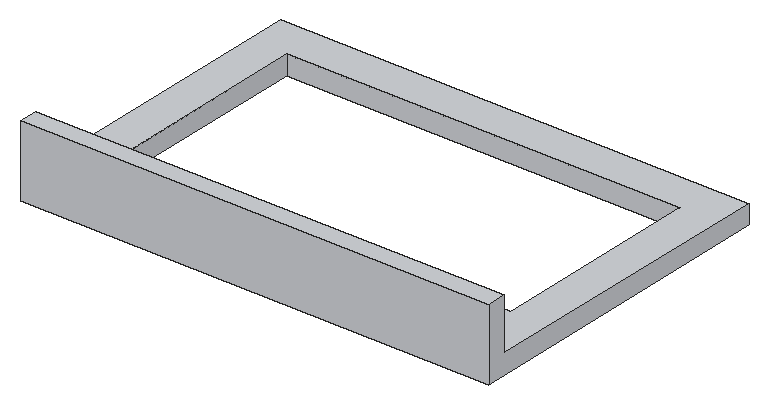
Revit family "Kitchen Countertop Sink - Rec", category Generic Models, Revit 2019
Family settings
  Can host rebar = No
  Round Connector Dimension = Use Diameter
  Part Type = Normal
  Work Plane-Based = No
  Always vertical = Yes
  Cut with Voids When Loaded = No
  Shared = No
  Room Calculation Point = No
Parameters (values of type "Generic")
  Width [instance] = 3' - 0"
  V_width = 2' - 6 1/4"
  V_Depth = 1' - 4 1/4"
  Height = 0' - 1 1/2"
  Depth [instance] = 2' - 1"
Types (2): name | V_width | V_Depth
  Generic | 2' - 6 1/4" | 1' - 4 1/4"
  Generic ADA | 1' - 11" | 1' - 8"
Reference planes (in)
  plane 1 "Center (Front/Back)": y = 0
  plane 2: z = 0
  plane 3 "Center (Left/Right)": x = 0
Forms (in)
  Extrusion 1, solid
    sketch origin (0, 0, 0) x (1, 0, 0) y (0, 1, 0)
      loop
        line (-18, 12.5) -> (-18, -12.5) -> (18, -12.5) -> (18, 12.5) -> (-18, 12.5)
    from 0 to 1.5
  Extrusion 2, solid
    sketch origin (0, 0, 0) x (0, 1, 0) y (0, 0, 1)
      loop
        line (-12.5, 1.5) -> (-11, 1.5) -> (-11, 5.5) -> (-12.5, 5.5) -> (-12.5, 1.5)
    from -18 to 18
  Extrusion 3, void
    sketch origin (0, 0, 0) x (1, 0, 0) y (0, 1, 0)
      loop
        line (-15.125, 9.5) -> (-15.125, -6.75) -> (15.125, -6.75) -> (15.125, 9.5) -> (-15.125, 9.5)
    from 0 to 1.5
Cuts and joins
  Extrusion 3 cuts Extrusion 1
  Extrusion 3 cuts Extrusion 2
  joined: Extrusion 1, Extrusion 2
Dimensions and locks (in)
  equal spacing: Extrusion 1 sketch curve, plane 3 "Center (Left/Right)", Extrusion 1 sketch curve
  equal spacing: Extrusion 1 sketch curve, plane 1 "Center (Front/Back)", Extrusion 1 sketch curve
  "Width": Extrusion 1 sketch curve to Extrusion 1 sketch curve
  "Depth": Extrusion 1 sketch curve to Extrusion 1 sketch curve
  "Height": Extrusion 1 to plane 2
  locked: Extrusion 1 to Extrusion 2 sketch curve at 4
  locked: Extrusion 2 sketch curve to Extrusion 2 sketch curve at 1.5
  equal spacing: Extrusion 3 sketch curve, plane 3 "Center (Left/Right)", Extrusion 3 sketch curve
  "V_width": Extrusion 3 sketch curve to Extrusion 3 sketch curve
  locked: cut or joined group of Extrusion 1, Extrusion 2, Extrusion 3 to Extrusion 3 sketch curve at 3
  "V_Depth": Extrusion 3 sketch curve to Extrusion 3 sketch curve
  aligned and locked: plane 2 to level
  aligned and locked: Extrusion 2 sketch curve to Extrusion 1  (x2)
  aligned and locked: Extrusion 1 to Extrusion 2
  aligned and locked: Extrusion 2 to Extrusion 1
  aligned and locked: Extrusion 1 to Extrusion 3  (x2)
